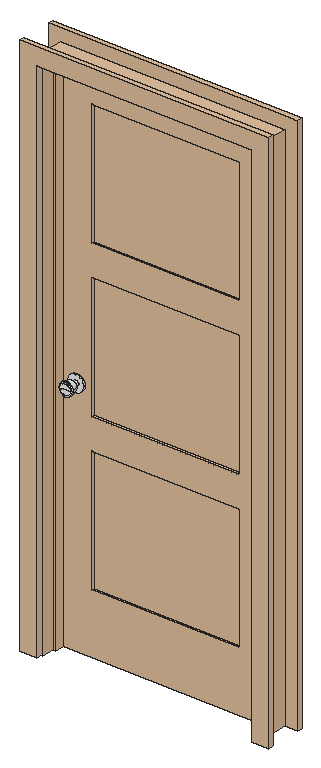
Revit family "M_Porta-Interna-Única-3_Painel-Madeira", category Portas, Revit 2019
Family settings
  Hospedeiro = Parede
  Número OmniClass = 23.30.10.00
  Título OmniClass = Doors
  Sempre na vertical = Sim
  Corte com vazios quando carregada = Não
  Compartilhado = Não
  Ponto de cálculo do ambiente = Não
Parameters
  Visual Light Transmittance = 0
  Material da apara = Cerejeira
  Corrimão superior = 120 mm
  Espessura = 35 mm
  Resistência térmica (R) = 0.455703 (m²·K)/W
  Ângulo de abertura [instance] = 90.00°
  Estilos = 120 mm
  Solar Heat Gain Coefficient = 0
  Rough Width = Width + 50 mm  # 850 mm
  Altura bruta = Altura + 25 mm  # 2025 mm
  Material do painel = Cerejeira
  Corrimão intermediário = 115 mm
  Altura = 2000 mm
  Fechamento da parede = Por hospedeiro
  Width = 800 mm
  Coeficiente de transferência de calor (U) = 2.19465 W/(m²·K)
  Função = Interior
  Material da moldura = Cerejeira
  Material da maçaneta = Alumín. 1
  Corrimão inferior = 230 mm
  Código de montagem = "C1020300"
  Construção analítica = "Madeira"
Reference planes
  plane 1 "Centro (Frente/Trás)": y = 0
  plane 2 "Centro (Esquerda/Direita)": x = 0
  plane 3 "Esquerda": x = -425
  plane 4 "Direita": x = 425
  plane 5 "Superior": z = 2025
  plane 6 "Exterior": y = 53.975
  plane 7 "Interior": y = -60.325
  plane 8 "Painel esquerdo da porta": x = -400
  plane 9 "Painel direito da porta": x = 400
  plane 10 "Topo do painel": z = 2000
  plane 11: z = 0
  plane 12: z = 0
  plane 13: x = 418.65
  plane 14: y = 18.975
  plane 15: y = -15.95
  plane 16: x = 387.3
  plane 17: y = 18.975
  plane 18: z = 230
  plane 19: z = 1880
  plane 20: x = 280
  plane 21: x = -280
  plane 22: y = 30.642
  plane 23: y = 42.308
  plane 24: z = 914.4
  plane 25: z = 1406.667
  plane 26: z = 1291.667
  plane 27: z = 703.333
  plane 28: z = 818.333
  plane 29: z = 1349.167
  plane 30: z = 760.833
  plane 31: z = 115
  plane 32: z = 172.5
  plane 33: z = 1995
  plane 34: z = 1937.5
Forms (mm)
  Sweep 1, solid, material "Cerejeira" <- "Material da moldura"
    path origin (0, 0, 0) x (1, 0, 0) y (0, 0, 1)
      loop
        line (425, 0) -> (425, 2025) -> (-425, 2025) -> (-425, 0)
    profile origin (425, 0, 1012.5) x (-1, 0, 0) y (0, -1, 0)
      loop
        line (25, -53.975) -> (25, -18.975) -> (37.7, -18.975) -> (37.7, 15.95) -> (25, 15.95) -> (25, 60.325) -> (0, 60.325) -> (0, -53.975) -> (25, -53.975)
  Extrusion 2, solid, material "Cerejeira" <- "Material do painel"
    sketch origin (0, 0, 0) x (1, 0, 0) y (0, 0, 1)
      loop
        line (400, 2000) -> (-400, 2000) -> (-400, 0) -> (400, 0) -> (400, 2000)
      loop
        line (280, 1880) -> (-280, 1880) -> (-280, 1406.667) -> (280, 1406.667) -> (280, 1880)
      loop
        line (280, 703.333) -> (-280, 703.333) -> (-280, 230) -> (280, 230) -> (280, 703.333)
      loop
        line (280, 1291.667) -> (-280, 1291.667) -> (-280, 818.333) -> (280, 818.333) -> (280, 1291.667)
    from -53.975 to -18.975
  Extrusion 3, solid, material "Cerejeira" <- "Material do painel"
    sketch origin (0, 0, 0) x (1, 0, 0) y (0, 0, 1)
      loop
        line (280, 1880) -> (-280, 1880) -> (-280, 1406.667) -> (280, 1406.667) -> (280, 1880)
      loop
        line (280, 703.333) -> (-280, 703.333) -> (-280, 230) -> (280, 230) -> (280, 703.333)
      loop
        line (280, 1291.667) -> (-280, 1291.667) -> (-280, 818.333) -> (280, 818.333) -> (280, 1291.667)
    from -42.308 to -30.642
  Sweep 4, solid, material "Cerejeira" <- "Material da apara", detail levels fine
    path origin (0, 53.975, 0) x (1, 0, 0) y (0, 0, 1)
      loop
        line (400, 0) -> (400, 2000) -> (-400, 2000) -> (-400, 0)
    profile "Perfil de caixa-plano : 20 x 65mm" origin (400, 53.975, 1000) x (-1, 0, 0) y (0, -1, 0)
      loop
        line (-6.35, -20) -> (-6.35, 0) -> (-71.35, 0) -> (-71.35, -20) -> (-6.35, -20)
  Sweep 5, solid, material "Cerejeira" <- "Material da apara", detail levels fine
    path origin (0, -60.325, 0) x (1, 0, 0) y (0, 0, 1)
      loop
        line (400, 0) -> (400, 2000) -> (-400, 2000) -> (-400, 0)
    profile "Perfil de caixa-plano : 20 x 65mm" origin (400, -60.325, 1000) x (-1, 0, 0) y (0, -1, 0)
      loop
        line (-6.35, 20) -> (-71.35, 20) -> (-71.35, 0) -> (-6.35, 0) -> (-6.35, 20)
Lines and regions (mm)
  Opening 1
    outline origin (-2286, -60.325, 0) x (1, 0, 0) y (0, 0, 1)
      loop
        line (1861, 0) -> (2711, 0) -> (2711, 2025) -> (1861, 2025) -> (1861, 0)
  Masking region 1, detail levels coarse+medium
    outline origin (0, 0, 0) x (1, 0, 0) y (0, 1, 0)
      loop
        line (-425, 53.975) -> (-425, -60.325) -> (-400, -60.325) -> (-400, 53.975) -> (-425, 53.975)
      loop
        line (425, 53.975) -> (400, 53.975) -> (400, -60.325) -> (425, -60.325) -> (425, 53.975)
  Masking region 2, detail levels fine
    outline origin (-25.4, 0, 0) x (1, 0, 0) y (0, 1, 0)
      loop
        line (-399.6, 53.975) -> (-399.6, -60.325) -> (-374.6, -60.325) -> (-374.6, -15.95) -> (-361.9, -15.95) -> (-361.9, 18.975) -> (-374.6, 18.975) -> (-374.6, 53.975) -> (-399.6, 53.975)
      loop
        line (450.4, 53.975) -> (425.4, 53.975) -> (425.4, 18.975) -> (412.7, 18.975) -> (412.7, -15.95) -> (425.4, -15.95) -> (425.4, -60.325) -> (450.4, -60.325) -> (450.4, 53.975)
  Masking region 3, detail levels fine
    outline origin (0, 0, 0) x (1, 0, 0) y (0, 1, 0)
      loop
        line (-471.35, 73.975) -> (-471.35, 53.975) -> (-406.35, 53.975) -> (-406.35, 73.975) -> (-471.35, 73.975)
      loop
        line (-471.35, -60.325) -> (-471.35, -80.325) -> (-406.35, -80.325) -> (-406.35, -60.325) -> (-471.35, -60.325)
      loop
        line (406.35, 73.975) -> (406.35, 53.975) -> (471.35, 53.975) -> (471.35, 73.975) -> (406.35, 73.975)
      loop
        line (406.35, -60.325) -> (406.35, -80.325) -> (471.35, -80.325) -> (471.35, -60.325) -> (406.35, -60.325)
  Masking region 4
    outline origin (0, 0, 0) x (0, 1, 0) y (0, 0, 1)
      loop
        line (53.975, 2025) -> (-60.325, 2025) -> (-60.325, 2018.65) -> (53.975, 2018.65) -> (53.975, 2025)
  symbolic lines, style "Giro da elevação"
    curve 1: line (-400, 53.975, 2000) -> (400, 53.975, 1000)
    curve 2: line (400, 53.975, 1000) -> (-400, 53.975, 0)
Text (mm)
  text "Exterior" at (-1904.17, 693.701, 0), in view "Nível de referência"
  text "Interior" at (-1904.17, -638.649, 0), in view "Nível de referência"
  text "Exterior" at (0, 1019.848, 3124.603), in view "Direita"
  text "Interior" at (0, -1635.541, 3124.603), in view "Direita"
  text "Interior" at (0, -787.806, 3124.376), in view "Esquerda"
  text "Exterior" at (0, 1386.095, 3124.376), in view "Esquerda"
Dimensions and locks
  equal spacing: plane 3 "Esquerda", plane 2 "Centro (Esquerda/Direita)", plane 4 "Direita"
  "Altura bruta": level to plane 5 "Superior"
  equal spacing: plane 8 "Painel esquerdo da porta", plane 2 "Centro (Esquerda/Direita)", plane 9 "Painel direito da porta"
  "Width": plane 8 "Painel esquerdo da porta" to plane 9 "Painel direito da porta"
  "Altura": level to plane 10 "Topo do painel"
  plane 11 to plane 12 = 0 mm
  locked: plane 13 to plane 4 "Direita" at 6.35
  "Espessura": plane 14 to plane 6 "Exterior"
  locked: plane 14 to plane 15 at 34.925
  locked: plane 16 to plane 9 "Painel direito da porta" at 12.7
  "Espessura": plane 6 "Exterior" to plane 17
  "Rough Width": plane 3 "Esquerda" to plane 4 "Direita"
  "Corrimão superior": plane 19 to plane 10 "Topo do painel"
  "Estilos": plane 20 to plane 9 "Painel direito da porta"
  "Estilos": plane 8 "Painel esquerdo da porta" to plane 21
  equal spacing: plane 17, plane 22, plane 23, plane 6 "Exterior"
  locked: plane 12 to plane 24 at 914.4
  equal spacing: plane 12, curve 2, plane 10 "Topo do painel"
  "Corrimão inferior": plane 18 to plane 11
  "Corrimão intermediário": plane 19 to plane 33
  equal spacing: plane 19, plane 34, plane 33
  "Corrimão intermediário": plane 31 to plane 18
  equal spacing: plane 31, plane 32, plane 18
  equal spacing: plane 32, plane 30, plane 29, plane 34
  "Corrimão intermediário": plane 26 to plane 25
  equal spacing: plane 26, plane 29, plane 25
  "Corrimão intermediário": plane 27 to plane 28
  equal spacing: plane 27, plane 30, plane 28
  locked: Masking region 4 sketch curve to plane 5 "Superior" at 6.35
  aligned and locked: plane 3 "Esquerda" to Opening 1 sketch curve
  aligned and locked: plane 5 "Superior" to Opening 1 sketch curve  (x2)
  aligned and locked: Opening 1 sketch curve to plane 4 "Direita"
  aligned and locked: Opening 1 sketch curve to level
  aligned and locked: plane 6 "Exterior" to host wall
  aligned and locked: plane 7 "Interior" to host wall
  aligned and locked: plane 5 "Superior" to Sweep 1 sketch curve
  aligned and locked: plane 4 "Direita" to Sweep 1 sketch curve  (x2)
  aligned and locked: Sweep 1 sketch curve to plane 3 "Esquerda"
  aligned and locked: plane 11 to level
  aligned and locked: plane 11 to Sweep 1 sketch curve  (x2)
  aligned and locked: Sweep 1 sketch curve to plane 9 "Painel direito da porta"
  aligned and locked: Sweep 1 sketch curve to host wall
  aligned and locked: Sweep 1 sketch curve to plane 7 "Interior"
  aligned and locked: Sweep 1 sketch curve to plane 15
  aligned and locked: Sweep 1 sketch curve to plane 16
  aligned and locked: plane 14 to Sweep 1 sketch curve
  aligned and locked: Extrusion 2 sketch curve to plane 10 "Topo do painel"
  aligned and locked: Extrusion 2 sketch curve to plane 8 "Painel esquerdo da porta"
  aligned and locked: plane 9 "Painel direito da porta" to Extrusion 2 sketch curve
  aligned and locked: Extrusion 2 sketch curve to plane 12
  aligned and locked: Extrusion 2 to plane 17
  aligned and locked: Extrusion 2 to plane 6 "Exterior"
  aligned and locked: Extrusion 2 sketch curve to plane 19
  aligned and locked: Extrusion 2 sketch curve to plane 21  (x3)
  aligned and locked: plane 20 to Extrusion 2 sketch curve  (x3)
  aligned and locked: plane 18 to Extrusion 2 sketch curve
  aligned and locked: Extrusion 3 sketch curve to plane 19
  aligned and locked: plane 20 to Extrusion 3 sketch curve  (x3)
  aligned and locked: Extrusion 3 sketch curve to plane 21  (x3)
  aligned and locked: plane 18 to Extrusion 3 sketch curve
  aligned and locked: plane 23 to Extrusion 3
  aligned and locked: Extrusion 3 to plane 22
  aligned and locked: nested 1 to plane 9 "Painel direito da porta"
  aligned and locked: plane 6 "Exterior" to nested 1
  aligned and locked: nested 2 to plane 8 "Painel esquerdo da porta"
  aligned and locked: plane 6 "Exterior" to nested 2
  aligned and locked: plane 8 "Painel esquerdo da porta" to nested 3
  aligned and locked: nested 3 to plane 17
  aligned and locked: plane 9 "Painel direito da porta" to Sweep 4 sketch curve
  aligned and locked: Sweep 4 sketch curve to plane 8 "Painel esquerdo da porta"
  aligned and locked: Sweep 4 sketch curve to plane 10 "Topo do painel"
  aligned and locked: Sweep 5 sketch curve to plane 9 "Painel direito da porta"
  aligned and locked: plane 10 "Topo do painel" to Sweep 5 sketch curve
  aligned and locked: plane 8 "Painel esquerdo da porta" to Sweep 5 sketch curve
  aligned and locked: Masking region 1 sketch curve to plane 3 "Esquerda"
  aligned and locked: plane 8 "Painel esquerdo da porta" to Masking region 1 sketch curve
  aligned and locked: Masking region 1 sketch curve to plane 7 "Interior"
  aligned and locked: plane 6 "Exterior" to Masking region 1 sketch curve
  aligned and locked: plane 9 "Painel direito da porta" to Masking region 1 sketch curve
  aligned and locked: Masking region 1 sketch curve to plane 4 "Direita"
  aligned and locked: plane 7 "Interior" to Masking region 1 sketch curve
  aligned and locked: Masking region 1 sketch curve to plane 6 "Exterior"
  aligned and locked: plane 11 to Sweep 4 sketch curve  (x2)
  aligned and locked: plane 11 to Sweep 5 sketch curve  (x2)
  aligned and locked: plane 8 "Painel esquerdo da porta" to Masking region 2 sketch curve
  aligned and locked: Masking region 2 sketch curve to plane 3 "Esquerda"
  aligned and locked: Masking region 2 sketch curve to plane 7 "Interior"
  aligned and locked: plane 6 "Exterior" to Masking region 2 sketch curve
  aligned and locked: Masking region 2 sketch curve to nested 2  (x2)
  aligned and locked: Masking region 2 sketch curve to Sweep 1  (x3)
  aligned and locked: Masking region 3 sketch curve to Sweep 4  (x6)
  aligned and locked: Masking region 3 sketch curve to plane 6 "Exterior"  (x2)
  aligned and locked: plane 7 "Interior" to Masking region 3 sketch curve  (x2)
  aligned and locked: Masking region 3 sketch curve to Sweep 5  (x6)
  aligned and locked: Masking region 2 sketch curve to plane 4 "Direita"
  aligned and locked: plane 9 "Painel direito da porta" to Masking region 2 sketch curve  (x3)
  aligned and locked: plane 17 to Masking region 2 sketch curve
  aligned and locked: Sweep 1 to Masking region 2 sketch curve
  aligned and locked: plane 27 to Extrusion 2 sketch curve
  aligned and locked: Extrusion 2 sketch curve to plane 25
  aligned and locked: Extrusion 2 sketch curve to plane 26
  aligned and locked: plane 28 to Extrusion 2 sketch curve
  aligned and locked: Extrusion 3 sketch curve to plane 27
  aligned and locked: plane 25 to Extrusion 3 sketch curve
  aligned and locked: Extrusion 3 sketch curve to plane 26
  aligned and locked: plane 28 to Extrusion 3 sketch curve
  aligned and locked: plane 5 "Superior" to Masking region 4 sketch curve
  aligned and locked: plane 6 "Exterior" to Masking region 4 sketch curve
  aligned and locked: Masking region 4 sketch curve to plane 7 "Interior"
Automatic sketch dimensions
  plane 16 to Sweep 1 sketch curve = 12.7 mm
  curve 2 to level = 0 mm
  curve 2 to plane 8 "Painel esquerdo da porta" = 0 mm
  curve 1 to plane 8 "Painel esquerdo da porta" = 0 mm
  curve 2 to plane 9 "Painel direito da porta" = 0 mm
  curve 1 to plane 10 "Topo do painel" = 0 mm
  Masking region 2 sketch curve to host wall = 0 mm  (x2)
  Masking region 2 sketch curve to plane 17 = 0 mm
Nested families
  nested 1: "Porta com abertura única" at (400, 53.975, 0), Ângulo de abertura <- "Ângulo de abertura", type "Único"
    with Abertura visível yes, Ângulo de abertura 90.00°, Ângulo real 90.00°, Width 800 mm, Espessura 35 mm
  nested 2: "M_Maçaneta residencial" at (-400, 53.975, 914.4), type "Padrão", detail levels fine
  nested 3: "M_Maçaneta residencial" at (-400, 18.975, 914.4), type "Padrão", detail levels fine
Definition of nested family "M_Maçaneta residencial"
  Parameters (values of type "Padrão")
    Manufacturer = ""
    Material = none
    Handle Z Distance = 0 mm
    Handle X Distance = 65 mm
    Analytic Construction = "<Nenhum>"
  Reference planes
    plane 1 "Centro (Frente/Trás)": y = 0
    plane 2: z = 0
    plane 3 "Centro (Esquerda/Direita)": x = 0
    plane 4: z = 0
    plane 5: x = 65
  Forms (mm)
    Extrusion 1, solid, material <- "Material"
      sketch origin (0, 0, 0) x (1, 0, 0) y (0, 0, 1)
        loop
          circle (65, 0) r 30
      from 0 to -6
    Revolve 2, solid, material <- "Material"
      sketch origin (0, 0, 0) x (0, -1, 0) y (1, 0, 0)
        loop
          line (-25, 55) -> (-6, 55) -> (-6, 65) -> (-55, 65) -> (-55, 44.524) -> (-53.172, 40) -> (-49.708, 40) -> (-25, 46.364) -> (-25, 55)
        axis (-6, 65) -> (-55, 65)
      angle from 0 to 360
  Dimensions and locks
    "Handle Z Distance": plane 4 to level
    "Handle X Distance": plane 5 to plane 3 "Centro (Esquerda/Direita)"
  Automatic sketch dimensions
    Extrusion 1 sketch curve to plane 4 = 0 mm
    Extrusion 1 sketch curve to plane 5 = 0 mm
    Revolve 2 sketch curve to plane 5 = 0 mm  (x2)
    Revolve 2 sketch curve to plane 1 "Centro (Frente/Trás)" = 66 mm
    Revolve 2 sketch curve to Revolve 2 sketch curve = 11 mm
    Revolve 2 sketch curve to Revolve 2 sketch curve = 1.828 mm
    Revolve 2 sketch curve to Revolve 2 sketch curve = 3.464 mm
    Revolve 2 sketch curve to plane 1 "Centro (Frente/Trás)" = 25 mm
    Revolve 2 sketch curve to plane 1 "Centro (Frente/Trás)" = 6 mm
    Revolve 2 sketch curve to Revolve 2 sketch curve = 0 mm
    Revolve 2 sketch curve to Revolve 2 sketch curve = 10 mm
    Revolve 2 sketch curve to Revolve 2 sketch curve = 8.636 mm
    Revolve 2 sketch curve to Revolve 2 sketch curve = 20.476 mm
    Revolve 2 sketch curve to Revolve 2 sketch curve = 4.524 mm
    radius of Extrusion 1 sketch curve = 30 mm
Definition of nested family "Porta com abertura única"
  Parameters (values of type "Único")
    Width = 900 mm
    Thickness = 45 mm
    Abertura visível [instance] = Ângulo de abertura > 1.00°  # yes
    Ângulo de abertura [instance] = 45.00°
    Assembly Code = ""
    Analytic Construction = "<Nenhum>"
    Ângulo real [instance] = if(Ângulo de abertura < 1.00°, 1.00°, Ângulo de abertura)  # 45.00°
  Reference planes
    plane 1 "Centro (Frente/Trás)": y = 0
    plane 2: z = 0
    plane 3 "Centro (Esquerda/Direita)": x = 0
    plane 4: x = -900
  Lines and regions (mm)
    Masking region 1
      outline origin (0, 0, 0) x (-0.707107, 0.707107, 0) y (-0.707107, -0.707107, 0)
        loop
          line (0, 0) -> (900, 0) -> (900, 45) -> (0, 45) -> (0, 0)
    symbolic lines
      curve 1: line (0, 0, 0) -> (-900, 0, 0)
    symbolic lines, visible <- "Abertura visível"
      curve 2: arc (-900, 0, 0) -> (-831.492, 344.415, 0) -> (-636.396, 636.396, 0) r 900
    reference lines
      curve 3: line (0, 0, 0) -> (-636.396, 636.396, 0)
    model lines
      curve 4: line (0, 0, 0) -> (0, 0, 25.4)
  Dimensions and locks
    "Width": plane 4 to plane 3 "Centro (Esquerda/Direita)"
    locked: curve 2 to plane 3 "Centro (Esquerda/Direita)"
    locked: curve 2 to plane 1 "Centro (Frente/Trás)"
    "Width": curve 3 to curve 3
    "Thickness": Masking region 1 sketch curve to Masking region 1 sketch curve
    locked: curve 4 to plane 2 at 25.4
    "Width": radius of curve 2
    "Ângulo real": angle curve 2 to curve 2
    "Ângulo de abertura": angle curve 3 to plane 1 "Centro (Frente/Trás)"
    aligned and locked: curve 1 to plane 1 "Centro (Frente/Trás)"
    aligned and locked: plane 3 "Centro (Esquerda/Direita)" to curve 1
    aligned and locked: plane 3 "Centro (Esquerda/Direita)" to curve 3
    aligned and locked: plane 1 "Centro (Frente/Trás)" to curve 3
    aligned and locked: curve 3 to Masking region 1 sketch curve
    aligned and locked: Masking region 1 sketch curve to curve 3  (x2)
    aligned and locked: plane 3 "Centro (Esquerda/Direita)" to curve 4
    aligned and locked: plane 2 to curve 4
Types in the file's own list only (39): name | Transmissão de luz visual | Resistência térmica (R) | Estilos | Coeficiente de ganho de calor solar | Largura bruta | Altura bruta | Altura | Largura | Coeficiente de transferência de calor (U)
  300 x 2000mm | 0 | 0.4557 (m²·K)/W | 60 mm | 0 | 350 mm | 2025 mm | 2000 mm | 300 mm | 2.1946 W/(m²·K)
  350 x 2000mm | 0 | 0.4557 (m²·K)/W | 60 mm | 0 | 400 mm | 2025 mm | 2000 mm | 350 mm | 2.1946 W/(m²·K)
  400 x 2000mm | 0 | 0.4557 (m²·K)/W | 60 mm | 0 | 450 mm | 2025 mm | 2000 mm | 400 mm | 2.1946 W/(m²·K)
  450 x 2000mm | 0 | 0.4557 (m²·K)/W | 120 mm | 0 | 500 mm | 2025 mm | 2000 mm | 450 mm | 2.1946 W/(m²·K)
  500 x 2000mm | 0 | 0.4557 (m²·K)/W | 120 mm | 0 | 550 mm | 2025 mm | 2000 mm | 500 mm | 2.1946 W/(m²·K)
  550 x 2000mm | 0 | 0.4557 (m²·K)/W | 120 mm | 0 | 600 mm | 2025 mm | 2000 mm | 550 mm | 2.1946 W/(m²·K)
  600 x 2000mm | 0 | 0.4557 (m²·K)/W | 120 mm | 0 | 650 mm | 2025 mm | 2000 mm | 600 mm | 2.1946 W/(m²·K)
  650 x 2000mm | 0 | 0.4557 (m²·K)/W | 120 mm | 0 | 700 mm | 2025 mm | 2000 mm | 650 mm | 2.1946 W/(m²·K)
  700 x 2000mm | 0 | 0.4557 (m²·K)/W | 120 mm | 0 | 750 mm | 2025 mm | 2000 mm | 700 mm | 2.1946 W/(m²·K)
  750 x 2000mm | 0 | 0.4557 (m²·K)/W | 120 mm | 0 | 800 mm | 2025 mm | 2000 mm | 750 mm | 2.1946 W/(m²·K)
  800 x 2000mm | 0 | 0.4557 (m²·K)/W | 120 mm | 0 | 850 mm | 2025 mm | 2000 mm | 800 mm | 2.1946 W/(m²·K)
  850 x 2000mm | 0 | 0.4557 (m²·K)/W | 120 mm | 0 | 900 mm | 2025 mm | 2000 mm | 850 mm | 2.1946 W/(m²·K)
  900 x 2000mm | 0 | 0.4557 (m²·K)/W | 120 mm | 0 | 950 mm | 2025 mm | 2000 mm | 900 mm | 2.1946 W/(m²·K)
  300 x 2100mm | 0 | 0.4557 (m²·K)/W | 60 mm | 0 | 350 mm | 2125 mm | 2100 mm | 300 mm | 2.1946 W/(m²·K)
  350 x 2100mm | 0 | 0.4557 (m²·K)/W | 60 mm | 0 | 400 mm | 2125 mm | 2100 mm | 350 mm | 2.1946 W/(m²·K)
  400 x 2100mm | 0 | 0.4557 (m²·K)/W | 60 mm | 0 | 450 mm | 2125 mm | 2100 mm | 400 mm | 2.1946 W/(m²·K)
  450 x 2100mm | 0 | 0.4557 (m²·K)/W | 120 mm | 0 | 500 mm | 2125 mm | 2100 mm | 450 mm | 2.1946 W/(m²·K)
  500 x 2100mm | 0 | 0.4557 (m²·K)/W | 120 mm | 0 | 550 mm | 2125 mm | 2100 mm | 500 mm | 2.1946 W/(m²·K)
  550 x 2100mm | 0 | 0.4557 (m²·K)/W | 120 mm | 0 | 600 mm | 2125 mm | 2100 mm | 550 mm | 2.1946 W/(m²·K)
  600 x 2100mm | 0 | 0.4557 (m²·K)/W | 120 mm | 0 | 650 mm | 2125 mm | 2100 mm | 600 mm | 2.1946 W/(m²·K)
  650 x 2100mm | 0 | 0.4557 (m²·K)/W | 120 mm | 0 | 700 mm | 2125 mm | 2100 mm | 650 mm | 2.1946 W/(m²·K)
  700 x 2100mm | 0 | 0.4557 (m²·K)/W | 120 mm | 0 | 750 mm | 2125 mm | 2100 mm | 700 mm | 2.1946 W/(m²·K)
  750 x 2100mm | 0 | 0.4557 (m²·K)/W | 120 mm | 0 | 800 mm | 2125 mm | 2100 mm | 750 mm | 2.1946 W/(m²·K)
  800 x 2100mm | 0 | 0.4557 (m²·K)/W | 120 mm | 0 | 850 mm | 2125 mm | 2100 mm | 800 mm | 2.1946 W/(m²·K)
  850 x 2100mm | 0 | 0.4557 (m²·K)/W | 120 mm | 0 | 900 mm | 2125 mm | 2100 mm | 850 mm | 2.1946 W/(m²·K)
  900 x 2100mm | 0 | 0.4557 (m²·K)/W | 120 mm | 0 | 950 mm | 2125 mm | 2100 mm | 900 mm | 2.1946 W/(m²·K)
  300 x 2400mm | 0 | 0.4557 (m²·K)/W | 60 mm | 0 | 350 mm | 2425 mm | 2400 mm | 300 mm | 2.1946 W/(m²·K)
  350 x 2400mm | 0 | 0.4557 (m²·K)/W | 60 mm | 0 | 400 mm | 2425 mm | 2400 mm | 350 mm | 2.1946 W/(m²·K)
  400 x 2400mm | 0 | 0.4557 (m²·K)/W | 60 mm | 0 | 450 mm | 2425 mm | 2400 mm | 400 mm | 2.1946 W/(m²·K)
  450 x 2400mm | 0 | 0.4557 (m²·K)/W | 120 mm | 0 | 500 mm | 2425 mm | 2400 mm | 450 mm | 2.1946 W/(m²·K)
  500 x 2400mm | 0 | 0.4557 (m²·K)/W | 120 mm | 0 | 550 mm | 2425 mm | 2400 mm | 500 mm | 2.1946 W/(m²·K)
  550 x 2400mm | 0 | 0.4557 (m²·K)/W | 120 mm | 0 | 600 mm | 2425 mm | 2400 mm | 550 mm | 2.1946 W/(m²·K)
  600 x 2400mm | 0 | 0.4557 (m²·K)/W | 120 mm | 0 | 650 mm | 2425 mm | 2400 mm | 600 mm | 2.1946 W/(m²·K)
  650 x 2400mm | 0 | 0.4557 (m²·K)/W | 120 mm | 0 | 700 mm | 2425 mm | 2400 mm | 650 mm | 2.1946 W/(m²·K)
  700 x 2400mm | 0 | 0.4557 (m²·K)/W | 120 mm | 0 | 750 mm | 2425 mm | 2400 mm | 700 mm | 2.1946 W/(m²·K)
  750 x 2400mm | 0 | 0.4557 (m²·K)/W | 120 mm | 0 | 800 mm | 2425 mm | 2400 mm | 750 mm | 2.1946 W/(m²·K)
  800 x 2400mm | 0 | 0.4557 (m²·K)/W | 120 mm | 0 | 850 mm | 2425 mm | 2400 mm | 800 mm | 2.1946 W/(m²·K)
  850 x 2400mm | 0 | 0.4557 (m²·K)/W | 120 mm | 0 | 900 mm | 2425 mm | 2400 mm | 850 mm | 2.1946 W/(m²·K)
  900 x 2400mm | 0 | 0.4557 (m²·K)/W | 120 mm | 0 | 950 mm | 2425 mm | 2400 mm | 900 mm | 2.1946 W/(m²·K)
